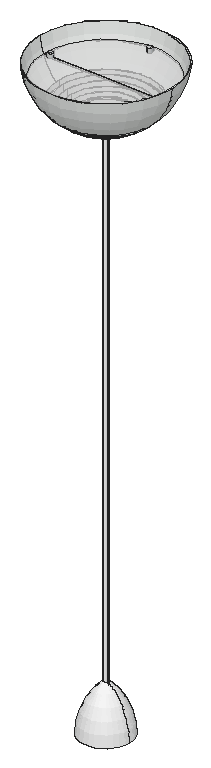
Revit family "AJ Royal 250", category Lighting Fixtures, host Face, Revit 2019
Family settings
  Host = Face
  Round Connector Dimension = Use Diameter
  Part Type = Normal
  Cut with Voids When Loaded = No
  Light Source = Yes
  Shared = No
  Room Calculation Point = No
Parameters
  Width = 0 mm
  Weight (Kg) = 0
  Wattage = 9.2903 W
  built-in parameter 1150110 = 1 (stored number, unit not read)
  Voltage (US Only) = 0 V
  Trim and Accessories = ""
  built-in parameter 1114217 = 1 (stored number, unit not read)
  Tilt Angle = 90.00°
  built-in parameter 1150109 = 1 (stored number, unit not read)
  built-in parameter 1150134 = 3
  Suspension Height [instance] = 1000 mm
  built-in parameter 1150113 = 1 (stored number, unit not read)
  Reflector Finish = Default
  Product Documentation Link = ""
  Product Code = "x"
  Product Category = "Pendant"
  Power Factor (US Only) = 0
  Photometric Web File = "generic"
  Option = ""
  Number of Poles (US Only) = 0
  built-in parameter 1150142 = (empty or 0)
  Manufacturer = "Louis Poulsen Lighting"
  built-in parameter 1150105 = 109.82 (stored number, unit not read)
  Lumens = 1380 lm
  built-in parameter 1150115 = 1 (stored number, unit not read)
  Lighting Technique = ""
  built-in parameter 1150137 = (empty or 0)
  built-in parameter 1150139 = (empty or 0)
  Length = 0 mm
  built-in parameter 1150112 = 1 (stored number, unit not read)
  built-in parameter 1150114 = 1 (stored number, unit not read)
  Lamp = "x"
  Insulation Class (Not US) = ""
  built-in parameter 1150132 = (empty or 0)
  built-in parameter 1150102 = (empty or 0)
  built-in parameter 1150107 = 3200 (stored number, unit not read)
  built-in parameter 1150138 = (empty or 0)
  built-in parameter 1150106 = 1.0982 (stored number, unit not read)
  IP (Not US) = ""
  IK (Not US - Outdoor only) = ""
  Height = 0 mm
  Efficiency (Lm/W) = ""
  built-in parameter 1150104 = 13.8 (stored number, unit not read)
  Drawn By = "Louis Poulsen Lighting"
  Dimming Lamp Color Temperature Shift = <None>
  Designer = ""
  Description = "x"
  Default Elevation = 1000 mm
  Cut-off = "N/A"
  Color Filter = 16777215
  CRI = ""
  Build-in height = ""
  Bug Rating (US Outdoor Only) = "N/A"
  Body Finish = Louis Poulsen - Panel White - 020
  built-in parameter 1114218 = 1 (stored number, unit not read)
  built-in parameter 1150133 = 10 (stored number, unit not read)
Reference planes
  plane 1 "Center (Front/Back)": y = 0
  plane 2: z = 0
  plane 3 "Center (Left/Right)": x = 0
  plane 4 "Suspension height Ref Level": z = 1000
  plane 5: x = 0
Forms (mm)
  Revolve 1, solid, material "Louis Poulsen - Panel White - 020" <- "Body Finish"
    sketch origin (0, 0, 0) x (1, 0, 0) y (0, 0, 1)
      loop
        line (0, 1000) -> (5.51, 1000)
        arc (5.51, 1000) -> (6.214, 1000.292) -> (6.506, 1000.996) r 0.996
        line (6.506, 1000.996) -> (6.506, 1008.112) -> (0, 1008.112) -> (0, 1000)
      axis (0, 1008.112) -> (0, 1000)
    angle from 0 to 360
  Extrusion 2, solid, material "Louis poulsen Ledningshvid"
    sketch origin (0, 0, 0) x (1, 0, 0) y (0, 1, 0)
      loop
        circle (0, 0) r 4
    from 0 to 1000
  Revolve 3, solid, material "louis Poulsen Baldakin hvid"
    sketch origin (0, 0, 0) x (1, 0, 0) y (0, 0, 1)
      loop
        arc (45.049, 0) -> (34.053, 47.934) -> (4.183, 87.003) r 115.981
        line (4.183, 87.003) -> (4.183, 85.687)
        arc (4.183, 85.687) -> (33.326, 47.129) -> (44.049, 0) r 114.981
        line (44.049, 0) -> (45.049, 0)
      axis (0, 0) -> (0, 87.003)
    angle from 0 to 360
  Revolve 4, solid, material "Louis Poulsen Afskaermning klar"
    sketch origin (0, 0, 0) x (1, 0, 0) y (0, 0, 1)
      loop
        line (0, 1083.595) -> (114.953, 1083.595) -> (114.953, 1086.595) -> (0, 1086.595) -> (0, 1083.595)
      axis (0, 1083.595) -> (0, 1086.595)
    angle from 0 to 360
  Revolve 5, solid, material "Louis Poulsen - Panel White - 020" <- "Body Finish"
    sketch origin (0, 0, 0) x (1, 0, 0) y (0, 0, 1)
      loop
        line (65.75, 1035.771) -> (64.75, 1035.771) -> (64.75, 1022.971) -> (65.75, 1022.971) -> (65.75, 1035.771)
      loop
        line (72.35, 1028.171) -> (73.35, 1028.171) -> (73.35, 1040.971) -> (72.35, 1040.971) -> (72.35, 1028.171)
      loop
        line (79.95, 1034.171) -> (80.95, 1034.171) -> (80.95, 1046.971) -> (79.95, 1046.971) -> (79.95, 1034.171)
      loop
        line (57.15, 1018.671) -> (58.15, 1018.671) -> (58.15, 1031.471) -> (57.15, 1031.471) -> (57.15, 1018.671)
      loop
        line (6.65, 1005.704) -> (6.65, 1004.503)
        arc (6.65, 1004.503) -> (28.668, 1007.657) -> (49.778, 1014.665) r 125
        arc (49.778, 1014.665) -> (50.303, 1015.107) -> (50.5, 1015.765) r 1.2
        line (50.5, 1015.765) -> (50.5, 1026.031)
        arc (50.5, 1026.031) -> (50.149, 1026.879) -> (49.3, 1027.231) r 1.2
        line (49.3, 1027.231) -> (47, 1027.231) -> (47, 1026.031) -> (49.3, 1026.031) -> (49.3, 1015.765)
        arc (49.3, 1015.765) -> (28.424, 1008.833) -> (6.65, 1005.704) r 123.8
      loop
        arc (122.942, 1112.695) -> (111.495, 1074.476) -> (88.503, 1041.871) r 123.978
        line (88.503, 1041.871) -> (88.503, 1051.371) -> (87.503, 1051.371) -> (87.503, 1041.871)
        arc (87.503, 1041.871) -> (88.124, 1040.946) -> (89.216, 1041.171) r 1
        arc (89.216, 1041.171) -> (112.423, 1074.097) -> (123.95, 1112.695) r 124.978
        line (123.95, 1112.695) -> (122.942, 1112.695)
      axis (0, 1004.503) -> (0, 1112.695)
    angle from 0 to 360
  Revolve 6, solid
    sketch origin (0, 0, 0) x (1, 0, 0) y (0, 0, 1)
      loop
        line (102, 1086.595) -> (107, 1086.595) -> (107, 1092.595) -> (102, 1092.595) -> (102, 1086.595)
      axis (102, 1092.595) -> (102, 1086.595)
    angle from 0 to 360
  Revolve 7, solid
    sketch origin (102, 102, 0) x (0, -1, 0) y (0, 0, 1)
      loop
        line (102, 1086.595) -> (107, 1086.595) -> (107, 1092.595) -> (102, 1092.595) -> (102, 1086.595)
      axis (102, 1092.595) -> (102, 1086.595)
    angle from 0 to 360
  Revolve 8, solid
    sketch origin (102, -102, 0) x (0, 1, 0) y (0, 0, 1)
      loop
        line (102, 1086.595) -> (107, 1086.595) -> (107, 1092.595) -> (102, 1092.595) -> (102, 1086.595)
      axis (102, 1092.595) -> (102, 1086.595)
    angle from 0 to 360
  Revolve 9, solid
    sketch origin (0.76, -12.431, 0) x (0.992546, 0.121869, 0) y (0, 0, 1)
      loop
        line (102, 1086.595) -> (107, 1086.595) -> (107, 1092.595) -> (102, 1092.595) -> (102, 1086.595)
      axis (102, 1092.595) -> (102, 1086.595)
    angle from 0 to 360
  Extrusion 10, solid, material "Louis poulsen Ledningshvid"
    sketch origin (0, 0, 0) x (-1, 0, 0) y (0, -1, 0)
      loop
        circle (0, 0) r 4
    from 0 to 1000
  Extrusion 11, solid, material "Louis poulsen Ledningshvid"
    sketch origin (0, 0, 0) x (0.5, 0.866025, 0) y (-0.866025, 0.5, 0)
      loop
        circle (0, 0) r 4
    from 0 to 1000
  Extrusion 12, solid, material "Louis poulsen Ledningshvid"
    sketch origin (0, 0, 0) x (-0.5, 0.866025, 0) y (-0.866025, -0.5, 0)
      loop
        circle (0, 0) r 4
    from 0 to 1000
  Revolve 13, solid
    sketch origin (12.431, 0.76, 0) x (-0.121869, 0.992546, 0) y (0, 0, 1)
      loop
        line (102, 1086.595) -> (107, 1086.595) -> (107, 1092.595) -> (102, 1092.595) -> (102, 1086.595)
      axis (102, 1092.595) -> (102, 1086.595)
    angle from 0 to 360
  Revolve 14, solid
    sketch origin (-0.76, 12.431, 0) x (-0.992546, -0.121869, 0) y (0, 0, 1)
      loop
        line (102, 1086.595) -> (107, 1086.595) -> (107, 1092.595) -> (102, 1092.595) -> (102, 1086.595)
      axis (102, 1092.595) -> (102, 1086.595)
    angle from 0 to 360
  Revolve 15, solid
    sketch origin (-12.431, -0.76, 0) x (0.121869, -0.992546, 0) y (0, 0, 1)
      loop
        line (102, 1086.595) -> (107, 1086.595) -> (107, 1092.595) -> (102, 1092.595) -> (102, 1086.595)
      axis (102, 1092.595) -> (102, 1086.595)
    angle from 0 to 360
Lines and regions (mm)
  reference lines
    curve 1: circle (0, 0, 0) r 102.2 normal (0, 0, 1)
Dimensions and locks
  "Suspension Height": plane 4 "Suspension height Ref Level" to level
  aligned and locked: plane 2 to host face
  aligned and locked: level to host face
  aligned and locked: plane 4 "Suspension height Ref Level" to Extrusion 2
  aligned and locked: Extrusion 2 to host face
  aligned and locked: plane 3 "Center (Left/Right)" to Revolve 3 sketch curve
  aligned and locked: Revolve 4 sketch curve to plane 3 "Center (Left/Right)"
  aligned and locked: plane 3 "Center (Left/Right)" to Revolve 5 sketch curve
Automatic sketch dimensions
  host sketch curve to host sketch curve = 521.892 mm
  host sketch curve to host sketch curve = 522.795 mm
  Revolve 1 sketch curve to plane 3 "Center (Left/Right)" = 0 mm  (x2)
  Revolve 1 sketch curve to plane 4 "Suspension height Ref Level" = 0 mm
  plane 4 "Suspension height Ref Level" to Revolve 1 sketch curve = 0.996 mm
  plane 3 "Center (Left/Right)" to Revolve 1 sketch curve = 5.51 mm
  Revolve 1 sketch curve to Revolve 1 sketch curve = 8.112 mm
  Revolve 1 sketch curve to plane 4 "Suspension height Ref Level" = 0.586 mm
  Revolve 1 sketch curve to Revolve 1 sketch curve = 0.611 mm
  Revolve 3 sketch curve to Revolve 3 sketch curve = 0 mm  (x2)
  Revolve 3 sketch curve to level = 0 mm
  Revolve 3 sketch curve to level = 1.375 mm
  Revolve 3 sketch curve to plane 3 "Center (Left/Right)" = 70.923 mm
  plane 3 "Center (Left/Right)" to Revolve 3 sketch curve = 4.183 mm
  plane 3 "Center (Left/Right)" to Revolve 3 sketch curve = 44.049 mm
  Revolve 3 sketch curve to Revolve 3 sketch curve = 1 mm
  Revolve 3 sketch curve to level = 80 mm
  Revolve 3 sketch curve to Revolve 3 sketch curve = 27.997 mm
  Revolve 4 sketch curve to plane 3 "Center (Left/Right)" = 0 mm
  Revolve 4 sketch curve to Revolve 4 sketch curve = 70 mm
  Revolve 4 sketch curve to Revolve 4 sketch curve = 30 mm
  Revolve 5 sketch curve to Revolve 5 sketch curve = 0 mm  (x12)
  Revolve 5 sketch curve to plane 3 "Center (Left/Right)" = 0 mm  (x2)
  plane 3 "Center (Left/Right)" to Revolve 5 sketch curve = 6.65 mm
  Revolve 5 sketch curve to Revolve 5 sketch curve = 2.3 mm
  Revolve 5 sketch curve to Revolve 5 sketch curve = 1.2 mm
  Revolve 5 sketch curve to Revolve 5 sketch curve = 6.6 mm  (x3)
  Revolve 5 sketch curve to Revolve 5 sketch curve = 1 mm  (x5)
  Revolve 5 sketch curve to Revolve 5 sketch curve = 34.439 mm
  Revolve 5 sketch curve to Revolve 5 sketch curve = 1.008 mm
  Revolve 5 sketch curve to Revolve 5 sketch curve = 2.906 mm
  plane 4 "Suspension height Ref Level" to Revolve 5 sketch curve = 5.704 mm
  Revolve 5 sketch curve to Revolve 5 sketch curve = 1.202 mm
  Revolve 5 sketch curve to Revolve 5 sketch curve = 4.3 mm  (x2)
  Revolve 5 sketch curve to Revolve 5 sketch curve = 10.265 mm
  Revolve 5 sketch curve to Revolve 5 sketch curve = 5.1 mm
  Revolve 5 sketch curve to Revolve 5 sketch curve = 4.4 mm
  Revolve 5 sketch curve to Revolve 5 sketch curve = 61.324 mm
  Revolve 5 sketch curve to Revolve 5 sketch curve = 15.361 mm
  Revolve 5 sketch curve to Revolve 5 sketch curve = 22.763 mm
  plane 3 "Center (Left/Right)" to Revolve 4 sketch curve = 114.953 mm
  plane 4 "Suspension height Ref Level" to Revolve 4 sketch curve = 83.595 mm
  Revolve 4 sketch curve to Revolve 4 sketch curve = 3 mm
  plane 4 "Suspension height Ref Level" to Revolve 5 sketch curve = 26.031 mm
  Revolve 5 sketch curve to Revolve 5 sketch curve = 40.35 mm
  Revolve 5 sketch curve to Revolve 5 sketch curve = 6.65 mm
  Revolve 5 sketch curve to Revolve 5 sketch curve = 6.553 mm
  Revolve 5 sketch curve to Revolve 5 sketch curve = 5.2 mm  (x2)
  Revolve 5 sketch curve to Revolve 5 sketch curve = 5.44 mm
  Revolve 5 sketch curve to Revolve 5 sketch curve = 6 mm
  Revolve 5 sketch curve to Revolve 5 sketch curve = 7.7 mm
  Revolve 6 sketch curve to Revolve 6 sketch curve = 6 mm
  Revolve 6 sketch curve to Revolve 6 sketch curve = 14 mm
  Revolve 6 sketch curve to Revolve 6 sketch curve = 10 mm
  Revolve 6 sketch curve to Revolve 6 sketch curve = 5 mm
  Revolve 6 sketch curve to Revolve 6 sketch curve = 0 mm
  Revolve 7 sketch curve to Revolve 7 sketch curve = 6 mm
  Revolve 7 sketch curve to Revolve 7 sketch curve = 14 mm
  Revolve 7 sketch curve to Revolve 7 sketch curve = 10 mm
  Revolve 7 sketch curve to Revolve 7 sketch curve = 5 mm
  Revolve 7 sketch curve to Revolve 7 sketch curve = 0 mm
  Revolve 8 sketch curve to Revolve 8 sketch curve = 6 mm
  Revolve 8 sketch curve to Revolve 8 sketch curve = 14 mm
  Revolve 8 sketch curve to Revolve 8 sketch curve = 10 mm
  Revolve 8 sketch curve to Revolve 8 sketch curve = 5 mm
  Revolve 8 sketch curve to Revolve 8 sketch curve = 0 mm
  plane 4 "Suspension height Ref Level" to Revolve 6 sketch curve = 86.595 mm
  Revolve 7 sketch curve to plane 1 "Center (Front/Back)" = 0 mm
  plane 4 "Suspension height Ref Level" to Revolve 7 sketch curve = 86.595 mm
  Revolve 9 sketch curve to Revolve 9 sketch curve = 6 mm
  Revolve 9 sketch curve to Revolve 9 sketch curve = 14 mm
  Revolve 9 sketch curve to Revolve 9 sketch curve = 10 mm
  Revolve 9 sketch curve to Revolve 9 sketch curve = 5 mm
  Revolve 9 sketch curve to Revolve 9 sketch curve = 0 mm
  Revolve 8 sketch curve to plane 1 "Center (Front/Back)" = 0 mm
  plane 4 "Suspension height Ref Level" to Revolve 8 sketch curve = 86.595 mm
  plane 1 "Center (Front/Back)" to Extrusion 2 sketch curve = 0 mm
  Extrusion 2 sketch curve to plane 3 "Center (Left/Right)" = 0 mm
  plane 1 "Center (Front/Back)" to Extrusion 10 sketch curve = 0 mm
  Extrusion 10 sketch curve to plane 3 "Center (Left/Right)" = 0 mm
  plane 1 "Center (Front/Back)" to Extrusion 11 sketch curve = 0 mm
  Extrusion 11 sketch curve to plane 3 "Center (Left/Right)" = 0 mm
  plane 1 "Center (Front/Back)" to Extrusion 12 sketch curve = 0 mm
  Extrusion 12 sketch curve to plane 3 "Center (Left/Right)" = 0 mm
  plane 3 "Center (Left/Right)" to Revolve 6 sketch curve = 102 mm
  plane 1 "Center (Front/Back)" to curve 1 = 0 mm
  curve 1 to plane 3 "Center (Left/Right)" = 0 mm
  Revolve 13 sketch curve to Revolve 13 sketch curve = 6 mm
  Revolve 13 sketch curve to Revolve 13 sketch curve = 14 mm
  Revolve 13 sketch curve to Revolve 13 sketch curve = 10 mm
  Revolve 13 sketch curve to Revolve 13 sketch curve = 5 mm
  Revolve 13 sketch curve to Revolve 13 sketch curve = 0 mm
  Revolve 14 sketch curve to Revolve 14 sketch curve = 6 mm
  Revolve 14 sketch curve to Revolve 14 sketch curve = 14 mm
  Revolve 14 sketch curve to Revolve 14 sketch curve = 10 mm
  Revolve 14 sketch curve to Revolve 14 sketch curve = 5 mm
  Revolve 14 sketch curve to Revolve 14 sketch curve = 0 mm
  Revolve 15 sketch curve to Revolve 15 sketch curve = 6 mm
  Revolve 15 sketch curve to Revolve 15 sketch curve = 14 mm
  Revolve 15 sketch curve to Revolve 15 sketch curve = 10 mm
  Revolve 15 sketch curve to Revolve 15 sketch curve = 5 mm
  Revolve 15 sketch curve to Revolve 15 sketch curve = 0 mm
  radius of Extrusion 2 sketch curve = 4 mm
  radius of Extrusion 10 sketch curve = 4 mm
  radius of Extrusion 11 sketch curve = 4 mm
  radius of Extrusion 12 sketch curve = 4 mm
  radius of curve 1 = 102.2 mm
Nested families
  nested 1: "LP-Revit-Annotation" at (0, 0, 0), type "LP-Revit-Annotation"
Connectors
  electrical at (0, 0, 0)
    settings: index 1, voltage 0 V, apparent load 0 VA, apparent load phase1 0 VA, apparent load phase2 0 VA, apparent load phase3 0 VA, power factor 1, load classification "Other", number of poles 1, system type 31, power factor state 1, is connector primary yes, connector utility no, sub classification motor no, connector description ""
Definition of nested family "LP-Revit-Annotation"
  Reference planes
    plane 1: y = 0
    plane 2: x = 0
  Lines and regions (mm)
    detail lines
      curve 1: circle (0, 0, 0) r 2.5 normal (0, 0, 1)
      curve 2: line (-1.768, -1.768, 0) -> (1.768, 1.768, 0)
      curve 3: line (-1.768, 1.768, 0) -> (1.768, -1.768, 0)
  Dimensions and locks
    radius of curve 1 = 2.5 mm
